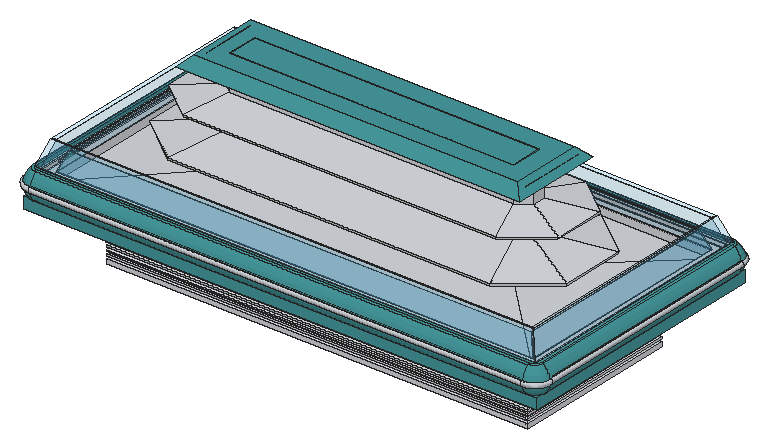
Revit family "O3IM - All", category Mechanical Equipment, Revit 2019
Family settings
  Round Connector Dimension = Use Radius
  Part Type = Normal
  OmniClass Number = 23.40.40.11.17
  OmniClass Title = Refrigerated Cases
  Work Plane-Based = Yes
  Always vertical = Yes
  Cut with Voids When Loaded = No
  Shared = No
  Room Calculation Point = No
Parameters (values of type "12' --- 10-16" Shelf - Deli")
  Width = 79 3/4"  # constant formula
  URL = "http://www.hillphoenix.com/?s=o3im"
  TOP REFRIGERATION PIPING = yes
  TOP ELECTRICAL = yes
  TOEKICK [instance] = BLACK PAINTED METAL
  Standard Power Watts = 22.6 W
  Standard Power Amps = 0.19 A
  Shelf distance = 48"
  Shelf Depth = "10\", 12\", 14\", 16\""
  STAINLESS STEEL = GALVANIZED STEEL
  Refgn = 8 5/8"
  RT STD END = yes
  REFRIGERATION PIPING = COPPER PIPE
  RUBBER BUMPER [instance] = none
  REAR REFRIGERATION PIPING = yes
  PAINTED METAL UPPER SHELF = PAINTED SHELVES
  PAINTED METAL INTERIOR [instance] = none
  PAINTED METAL EXTERIOR [instance] = CHARCOAL BROWN
  Number of Shelf = 3
  Model = "O3IM"  # constant formula
  Manufacturer = "HILL PHOENIX"  # constant formula
  MASTER BUMPER [instance] = none
  Lights Per Row = 6
  Light Length = "2 (1ft), 4 (3ft)"
  Length = 153 1/2"
  Legend Number = Model  # "O3IM"
  LF STD END = yes
  Keynote = ""  # constant formula
  Item Description = Description  # "O3IM - Island case"
  Island Timed-Off Termination Temp (°F) = 45 °F  # constant formula
  Island Timed-Off Fail-Safe (Min) = "45 (Min)"  # constant formula
  Island Superheat @ Bulb Set Point (°F) = "6-8 °F"  # constant formula
  Island Run-Off Time (Min) = "6-8 (Min)"  # constant formula
  Island Hot Gas Termination Temp (F°) = 45 °F  # constant formula
  Island Hot Gas Fail-Safe (Min) = "26 (Min)"  # constant formula
  Island High Efficiency Fans Watts = 36.8 W
  Island High Efficiency Fans Amps = 0.62 A
  Island Fans Per Case = 0
  Island Evaporator (°F) = 22 °F
  Island Electric Termination Temp (F°) = 47 °F  # constant formula
  Island Electric Fail-Safe = "30 (Min)"  # constant formula
  Island Discharge Air(°F) = 30 °F
  Island Discharge Air Velocity (FPM) = 270 FPM  # constant formula
  Island BTUH Parallel = 1366
  Island BTUH Conventional = 1513
  Island Application = "Deli"
  Island Anti-Condensate Heaters Watts = 127 W
  Island Anti-Condensate Heaters Amps = 1.06 A
  Island 240 Defrost Heaters Watts = 3200 W
  Island 240 Defrost Heaters Amps = 13.32 A
  Island 208V Defrost Heaters Watts = 2400 A
  Island 208V Defrost Heaters Amps = 11.54 A
  Island  Case Length = 144"
  How Many Defrosts Per Day = 4  # constant formula
  High Power (Cornice) Watts = 0 W
  High Power (Cornice) Amps = 0 A
  Height = 53 1/4"  # constant formula
  GLASS = Glass
  Ends = yes
  EQUIPMENT MARK = Legend Number  # "O3IM"
  EQUIPMENT DESCRIPTION = Item Description  # "O3IM - Island case"
  Description = "O3IM - Island case"  # constant formula
  Default Elevation = 48"
  DRAIN PIPING = yes
  DESIGNERS NAME = "SHIDDRAMESH"  # constant formula
  DATE = "03/29/2016"  # constant formula
  Certifications = "NSF 7, UL471, CSA"  # constant formula
  Case End = "12'"
  CENTER LINE = Length / 2  # 76 3/4"
  BOTTOM REFRIGERATION PIPING = yes
  BOTTOM ELECTRICAL = yes
  BASE [instance] = none
  Assembly Code = ""
  16" Shelf = yes
  12" Shelf = yes
Types (14): name | Standard Power Watts | Standard Power Amps | Shelf Depth | RUBBER BUMPER | PAINTED METAL INTERIOR | MASTER BUMPER | Lights Per Row | Light Length | Length | Island High Efficiency Fans Watts | Island High Efficiency Fans Amps | Island Evaporator (°F) | Island Discharge Air(°F) | Island BTUH Parallel | Island BTUH Conventional | Island Application | Island Anti-Condensate Heaters Watts | Island Anti-Condensate Heaters Amps | Island 240 Defrost Heaters Watts | Island 240 Defrost Heaters Amps | Island 208V Defrost Heaters Watts | Island 208V Defrost Heaters Amps | Island  Case Length | High Power (Cornice) Watts | High Power (Cornice) Amps | Case End | CENTER LINE | BASE
  08' | 59 W | 0.5 A | "Top Sill" | BLACK | GALVANIZED STEEL | BLACK | 4 | "2 (2ft), 2 (4ft)" | 105 1/2" | 27.6 W | 0.46 A | 22 °F | 30 °F | 1366 | 1513 | "Dairy / Deli / Produce" | 80 W | 0.67 A | 2130 W | 8.88 A | 1600 A | 7.7 A | 96" | 107.4 W | 0.9 A | "8' Wrapped" | 52 3/4" | BLACK PAINTED METAL
  12' | 59 W | 0.5 A | "Top Sill" | none | none | none | 4 | "2 (2ft), 2 (4ft)" | 153 1/2" | 27.6 W | 0.46 A | 22 °F | 30 °F | 1366 | 1513 | "Dairy / Deli / Produce" | 80 W | 0.67 A | 2130 W | 8.88 A | 1600 A | 7.7 A | 96" | 107.4 W | 0.9 A | "8' Wrapped" | 76 3/4" | none
  08' --- Top Sill - Deli | 59 W | 0.5 A | "Top Sill" | BLACK | GALVANIZED STEEL | BLACK | 4 | "2 (2ft), 2 (4ft)" | 105 1/2" | 27.6 W | 0.46 A | 22 °F | 30 °F | 1366 | 1513 | "Dairy / Deli / Produce" | 80 W | 0.67 A | 2130 W | 8.88 A | 1600 A | 7.7 A | 96" | 107.4 W | 0.9 A | "8' Wrapped" | 52 3/4" | BLACK PAINTED METAL
  08' ---  8" Shelf - Deli | 37.4 W | 0.31 A | "8\" Shelves" | BLACK | GALVANIZED STEEL | BLACK | 4 | "2 (5ft), 2 (3ft)" | 105 1/2" | 27.6 W | 0.46 A | 22 °F | 30 °F | 1366 | 1513 | "Dairy / Deli / Produce" | 80 W | 0.67 A | 2130 W | 8.88 A | 1600 A | 7.7 A | 96" | 65 W | 0.54 A | "8' Wrapped" | 52 3/4" | BLACK PAINTED METAL
  08' --- 10-16" Shelf - Meat | 39.2 W | 0.33 A | "10-16\" Shelves" | BLACK | GALVANIZED STEEL | BLACK | 4 | "2 (5ft), 4 (3ft)" | 105 1/2" | 27.6 W | 0.46 A | 17 °F | 26 °F | 1496 | 1657 | "Meat" | 80 W | 0.67 A | 2130 W | 8.88 A | 1600 A | 7.7 A | 96" | 70.4 W | 0.59 A | "8' Wrapped" | 52 3/4" | BLACK PAINTED METAL
  12' --- Top Sill - Deli | 59.6 W | 0.5 A | "Top Sill" | none | none | none | 6 | "2 (2ft), 4 (4ft)" | 153 1/2" | 36.8 W | 0.62 A | 22 °F | 30 °F | 1366 | 1513 | "Dairy / Deli / Produce" | 127 W | 1.06 A | 3200 W | 13.32 A | 2400 A | 11.54 A | 144" | 107.4 W | 0.9 A | "12' Wrapped" | 76 3/4" | none
  12' ---  8" Shelf - Deli | 37.4 W | 0.31 A | "8\" Shelves" | none | none | none | 6 | "2 (5ft), 4 (3ft)" | 153 1/2" | 36.8 W | 0.62 A | 22 °F | 30 °F | 1366 | 1513 | "Dairy / Deli / Produce" | 127 W | 1.06 A | 3200 W | 13.32 A | 2400 A | 11.54 A | 144" | 65 W | 0.54 A | "12' Wrapped" | 76 3/4" | none
  12' --- 10-16" Shelf - Deli | 22.6 W | 0.19 A | "10\", 12\", 14\", 16\"" | none | none | none | 6 | "2 (1ft), 4 (3ft)" | 153 1/2" | 36.8 W | 0.62 A | 22 °F | 30 °F | 1366 | 1513 | "Deli" | 127 W | 1.06 A | 3200 W | 13.32 A | 2400 A | 11.54 A | 144" | 0 W | 0 A | "12'" | 76 3/4" | none
  08' ---  8" Shelf - Meat | 37.4 W | 0.31 A | "8\" Shelves" | BLACK | GALVANIZED STEEL | BLACK | 4 | "2 (5ft), 2 (3ft)" | 105 1/2" | 27.6 W | 0.46 A | 26 °F | 17 °F | 1496 | 1657 | "Meat" | 80 W | 0.67 A | 2130 W | 8.88 A | 1600 A | 7.7 A | 96" | 65 W | 0.54 A | "8' Wrapped" | 52 3/4" | BLACK PAINTED METAL
  08' --- 10-16" Shelf - Deli | 22.6 W | 0.19 A | "10\", 12\", 14\", 16\"" | BLACK | GALVANIZED STEEL | BLACK | 6 | "2 (1ft), 4 (3ft)" | 105 1/2" | 27.6 W | 0.46 A | 22 °F | 30 °F | 1366 | 1513 | "Deli" | 80 W | 0.67 A | 2130 W | 8.88 A | 1600 A | 7.7 A | 96" | 0 W | 0 A | "12'" | 52 3/4" | BLACK PAINTED METAL
  08' --- Top Sill - Meat | 59 W | 0.5 A | "Top Sill" | BLACK | GALVANIZED STEEL | BLACK | 4 | "2 (2ft), 2 (4ft)" | 105 1/2" | 27.6 W | 0.46 A | 17 °F | 26 °F | 1496 | 1657 | "Meat" | 80 W | 0.67 A | 2130 W | 8.88 A | 1600 A | 7.7 A | 96" | 107.4 W | 0.9 A | "8' Wrapped" | 52 3/4" | BLACK PAINTED METAL
  12' --- Top Sill - Meat | 59.6 W | 0.5 A | "Top Sill" | none | none | none | 6 | "2 (2ft), 4 (4ft)" | 153 1/2" | 36.8 W | 0.62 A | 17 °F | 26 °F | 1496 | 1657 | "Meat" | 127 W | 1.06 A | 3200 W | 13.32 A | 2400 A | 11.54 A | 144" | 107.4 W | 0.9 A | "12' Wrapped" | 76 3/4" | none
  12' ---  8" Shelf - Meat | 37.4 W | 0.31 A | "8\" Shelves" | none | none | none | 6 | "2 (5ft), 4 (3ft)" | 153 1/2" | 36.8 W | 0.62 A | 17 °F | 26 °F | 1496 | 1657 | "Meat" | 127 W | 1.06 A | 3200 W | 13.32 A | 2400 A | 11.54 A | 144" | 65 W | 0.54 A | "12' Wrapped" | 76 3/4" | none
  12' --- 10-16" Shelf - Meat | 39.2 W | 0.33 A | "10-16\" Shelves" | none | none | none | 6 | "2 (5ft), 4 (3ft)" | 153 1/2" | 36.8 W | 0.62 A | 17 °F | 26 °F | 1496 | 1657 | "Meat" | 127 W | 1.06 A | 3200 W | 13.32 A | 2400 A | 11.54 A | 144" | 70.4 W | 0.59 A | "12' Wrapped" | 76 3/4" | none
Reference planes (in)
  plane 1: z = 0.01963
  plane 2 "LEFT": x = 0
  plane 3 "CASE RIGHT": x = 153.5
  plane 4: y = -15.80744
  plane 5: z = 53.21267
  plane 6: y = -95.55744
  plane 7: x = 76.75
  plane 8: x = 127.84375
  plane 9: y = -45.33691
  plane 10: y = -66.02797
  plane 11: z = 0.02517
  plane 12: z = 48.62069
  plane 13: z = 22.43319
  plane 14: y = -37.22135
  plane 15: y = -74.19492
  plane 16: y = -55.68244
  plane 17: y = -76.80744
  plane 18: y = -34.55744
  plane 19: z = 22.02517
Forms (in)
  Sweep 1, solid, material <- "PAINTED METAL INTERIOR"
    path origin (0, -2.067, 0) x (1, 0, 0) y (0, 1, 0)
      loop
        line (0, -93.49044) -> (153.5, -93.49044) -> (153.5, -13.74044) -> (0, -13.74044) -> (0, -93.49044)
    profile origin (76.75, -95.55744, 0) x (0, 1, 0) y (0, 0, 1)
      loop
        line (15.43571, 1.23933) -> (15.43571, 0) -> (16.44467, 0) -> (16.44467, 5.75) -> (16.04671, 5.75) -> (16.04671, 5.41095)
        arc (16.04671, 5.41095) -> (15.90122, 5.05836) -> (15.54942, 4.91096) r 0.5
        line (15.54942, 4.91096) -> (15.54942, 4.41096) -> (15.62792, 4.41096) -> (16.04671, 4.49092) -> (15.90934, 4.05633)
        arc (15.90934, 4.05633) -> (15.77966, 3.82434) -> (15.54942, 3.69157) r 0.5
        line (15.54942, 3.69157) -> (15.54942, 3.19157) -> (15.62792, 3.19157) -> (16.04671, 3.27653) -> (15.90934, 2.83695)
        arc (15.90934, 2.83695) -> (15.77966, 2.60496) -> (15.54942, 2.47219) r 0.5
        line (15.54942, 2.47219) -> (15.54942, 1.97219) -> (15.62792, 1.97219) -> (16.04671, 2.05715) -> (15.90934, 1.61757)
        arc (15.90934, 1.61757) -> (15.74908, 1.33259) -> (15.43571, 1.23933) r 0.43569
  Sweep 2, solid, material "BLACK PAINTED METAL" <- "TOEKICK"
    path origin (0, -2.067, 0) x (1, 0, 0) y (0, 1, 0)
      loop
        line (0, -93.49044) -> (153.5, -93.49044) -> (153.5, -13.74044) -> (0, -13.74044) -> (0, -93.49044)
    profile origin (76.75, -95.55744, 0) x (0, 1, 0) y (0, 0, 1)
      loop
        line (4.73876, 20.85375) -> (3.22926, 20.85375) -> (3.22926, 16.11151) -> (11.9574, 10) -> (22.87552, 10) -> (22.87552, 12.44138) -> (11.1501, 12.86578) -> (4.73876, 17.35505) -> (4.73876, 20.85375)
  Sweep 3, solid, material "CHARCOAL BROWN" <- "PAINTED METAL EXTERIOR"
    path origin (0, -2.067, 0) x (1, 0, 0) y (0, 1, 0)
      loop
        line (5.06052, -91.42992) -> (148.43948, -91.42992)
        arc (148.43948, -91.42992) -> (150.5608, -90.55124) -> (151.43948, -88.42992) r 3
        line (151.43948, -88.42992) -> (151.43948, -18.80096)
        arc (151.43948, -18.80096) -> (150.5608, -16.67964) -> (148.43948, -15.80096) r 3
        line (148.43948, -15.80096) -> (5.06052, -15.80096)
        arc (5.06052, -15.80096) -> (2.9392, -16.67964) -> (2.06052, -18.80096) r 3
        line (2.06052, -18.80096) -> (2.06052, -88.42992)
        arc (2.06052, -88.42992) -> (2.9392, -90.55124) -> (5.06052, -91.42992) r 3
    profile origin (76.75, -93.49692, 0) x (0, 1, 0) y (0, 0, 1)
      loop
        arc (0.97698, 26.16561) -> (0.74892, 26.12252) -> (0.55232, 25.99918) r 0.625
        arc (0.55232, 25.99918) -> (-0.68003, 24.4877) -> (-1.44756, 22.69489) r 7
        arc (-1.44756, 22.69489) -> (-0.67882, 21.99775) -> (-1.4734, 21.33019) r 0.68878
        arc (-1.4734, 21.33019) -> (-1.0581, 19.98737) -> (-0.28547, 18.8132) r 5
        arc (-0.28547, 18.8132) -> (-0.20085, 18.75074) -> (-0.09802, 18.72861) r 0.25
        line (-0.09802, 18.72861) -> (1.16874, 18.72861) -> (1.16874, 20.85375) -> (1.78136, 20.85375) -> (1.78136, 26.16561) -> (0.97698, 26.16561)
  Sweep 4, solid, material <- "PAINTED METAL INTERIOR"
    path origin (0, -2.067, 0) x (1, 0, 0) y (0, 1, 0)
      loop
        arc (148.43948, -91.42992) -> (150.5608, -90.55124) -> (151.43948, -88.42992) r 3
        line (151.43948, -88.42992) -> (151.43948, -18.80096)
        arc (151.43948, -18.80096) -> (150.5608, -16.67964) -> (148.43948, -15.80096) r 3
        line (148.43948, -15.80096) -> (5.06052, -15.80096)
        arc (5.06052, -15.80096) -> (2.9392, -16.67964) -> (2.06052, -18.80096) r 3
        line (2.06052, -18.80096) -> (2.06052, -88.42992)
        arc (2.06052, -88.42992) -> (2.9392, -90.55124) -> (5.06052, -91.42992) r 3
        line (5.06052, -91.42992) -> (148.43948, -91.42992)
    profile origin (76.75, -93.49692, 0) x (0, -1, 0) y (0, 0, 1)
      loop
        arc (1.44756, 22.69489) -> (0.67882, 21.99775) -> (1.4734, 21.33019) r 0.68878
        arc (1.4734, 21.33019) -> (2.05614, 22.02382) -> (1.44756, 22.69489) r 0.68878
  Sweep 5, solid, material <- "PAINTED METAL INTERIOR"
    path origin (0, -2.067, 0) x (1, 0, 0) y (0, 1, 0)
      loop
        line (0, -93.49044) -> (153.5, -93.49044) -> (153.5, -13.74044) -> (0, -13.74044) -> (0, -93.49044)
    profile origin (76.75, -95.55744, 0) x (0, 1, 0) y (0, 0, 1)
      loop
        line (35.345, 22.96222) -> (7.35063, 22.22916) -> (7.35063, 24.51571) -> (5.27547, 24.51571) -> (4.9991, 24.62458) -> (4.9955, 25.45109)
        arc (4.9955, 25.45109) -> (4.95014, 25.57337) -> (4.83602, 25.63648) r 0.1875
        line (4.83602, 25.63648) -> (3.84188, 25.63648) -> (3.84188, 20.85375) -> (4.73876, 20.85375) -> (4.73876, 17.35505) -> (11.1501, 12.86578) -> (22.88911, 12.44089) -> (23.48284, 11.87841) -> (24.07662, 12.44093) -> (35.345, 13.01184) -> (35.345, 22.96222)
  Sweep 6, solid, material "CHARCOAL BROWN" <- "PAINTED METAL EXTERIOR"
    path origin (0, -2.067, 0) x (1, 0, 0) y (0, 1, 0)
      loop
        line (0, -93.49044) -> (153.5, -93.49044) -> (153.5, -13.74044) -> (0, -13.74044) -> (0, -93.49044)
    profile origin (76.75, -95.55744, 0) x (0, 1, 0) y (0, 0, 1)
      loop
        line (32.12885, 49.14209) -> (35.345, 49.14209) -> (35.345, 53.21267) -> (29.52947, 53.21267) -> (26.62952, 50.31272) -> (28.17323, 50.31272) -> (29.07872, 51.21821) -> (31.58712, 48.62069) -> (32.12885, 49.14209)
  Sweep 7, solid, material <- "PAINTED METAL INTERIOR"
    path origin (0, -2.067, 0) x (1, 0, 0) y (0, 1, 0)
      loop
        line (0, -93.49044) -> (153.5, -93.49044) -> (153.5, -13.74044) -> (0, -13.74044) -> (0, -93.49044)
    profile origin (76.75, -95.55744, 0) x (0, 1, 0) y (0, 0, 1)
      loop
        line (20.17427, 5.75) -> (20.17427, 10) -> (16.0875, 10) -> (16.0875, 9.20269) -> (15.3825, 9.20269) -> (15.3825, 5.75) -> (20.17427, 5.75)
  Sweep 8, solid, material "CHARCOAL BROWN" <- "PAINTED METAL EXTERIOR"
    path origin (0, -2.067, 0) x (1, 0, 0) y (0, 1, 0)
      loop
        line (151.43948, -91.42992) -> (151.43948, -15.80096) -> (2.06052, -15.80096) -> (2.06052, -91.42992) -> (151.43948, -91.42992)
    profile origin (76.75, -93.49692, 0) x (0, -1, 0) y (0, 0, 1)
      loop
        line (0.05002, 18.72861) -> (-1.16874, 18.72861) -> (-1.16874, 16.11151) -> (-9.47879, 10.29275) -> (-8.78236, 9.29813) -> (0.05002, 15.48263) -> (0.05002, 18.72861)
  Sweep 9, solid, material <- "PAINTED METAL INTERIOR", visible <- "12" Shelf"
    path origin (0, -2.067, 0) x (1, 0, 0) y (0, 1, 0)
      loop
        line (35.32903, -58.14544) -> (118.155, -58.14544) -> (121.655, -55.41094) -> (121.655, -51.81994) -> (118.155, -49.08544) -> (35.32903, -49.08544) -> (31.82903, -51.81994) -> (31.82903, -55.41094) -> (35.32903, -58.14544)
    profile origin (76.74201, -60.21244, 0) x (0, 1, 0) y (0, 0, 1)
      loop
        line (0, 40.62485) -> (0, 42.93485) -> (-11.81769, 40.85108) -> (-11.72544, 40.3279) -> (-6.73758, 41.20739) -> (-6.65076, 40.71499) -> (0, 40.62485)
  Extrusion 10, solid, material <- "PAINTED METAL INTERIOR"
    sketch origin (0, -2.067, 0) x (1, 0, 0) y (0, 1, 0)
      loop
        line (35.345, -49.08544) -> (31.845, -51.81994) -> (31.845, -55.41094) -> (35.345, -58.14544) -> (118.155, -58.14544) -> (121.655, -55.41094) -> (121.655, -51.81994) -> (118.155, -49.08544) -> (35.345, -49.08544)
    from 22.96222 to 49.14209
  Extrusion 11, solid, material "CHARCOAL BROWN" <- "PAINTED METAL EXTERIOR"
    sketch origin (0, 0, 0) x (1, 0, 0) y (0, 1, 0)
      loop
        line (35.345, -51.15244) -> (35.345, -60.21244) -> (118.155, -60.21244) -> (118.155, -51.15244) -> (35.345, -51.15244)
    from 53.21267 to 49.14209
  Extrusion 12, solid, material "BLACK PAINTED METAL" <- "TOEKICK"
    sketch origin (0, 0, 0) x (1, 0, 0) y (0, 1, 0)
      loop
        line (16.44467, -32.25211) -> (16.44467, -79.11277) -> (137.05533, -79.11277) -> (137.05533, -32.25211) -> (16.44467, -32.25211)
    from 0.57595 to 5.75
  Sweep 13, solid, material "Glass" <- "GLASS"
    path origin (0, -2.067, 14.5) x (1, 0, 0) y (0, 1, 0)
      loop
        line (151.43948, -91.42992) -> (151.43948, -15.80096) -> (2.06052, -15.80096) -> (2.06052, -91.42992) -> (151.43948, -91.42992)
    profile origin (76.75, -93.49692, 14.5) x (0, -1, 0) y (0, 0, 1)
      loop
        line (-7.50917, 15.4188) -> (-5.29011, 9.94527) -> (-5.29011, 10.01571) -> (-5.11634, 10.01571) -> (-7.33541, 15.48925)
        arc (-7.33541, 15.48925) -> (-7.45751, 15.5409) -> (-7.50917, 15.4188) r 0.09375
  Sweep 14, solid, material "Glass" <- "GLASS"
    path origin (0, -2.067, 20.25) x (1, 0, 0) y (0, 1, 0)
      loop
        line (151.43948, -91.42992) -> (151.43948, -15.80096) -> (2.06052, -15.80096) -> (2.06052, -91.42992) -> (151.43948, -91.42992)
    profile origin (76.75, -93.49692, 20.25) x (0, -1, 0) y (0, 0, 1)
      loop
        line (-1.78136, 5.38648) -> (-1.78136, 5.91561) -> (-4.36905, 13.02523) -> (-5.36747, 12.66183) -> (-2.71946, 5.38648) -> (-1.78136, 5.38648)
  Extrusion 15, void
    sketch origin (0, 0, 0) x (1, 0, 0) y (0, 1, 0)
      loop
        circle (76.75, -39.22135) r 2
      loop
        circle (76.75, -72.19492) r 2
    from 0 to 4
  Extrusion 16, void
    sketch origin (0, 0, 0) x (1, 0, 0) y (0, 1, 0)
      loop
        circle (127.84375, -52.68438) r 2
    from 0 to 4
  Extrusion 17, solid, visible <- "BOTTOM ELECTRICAL"
    sketch origin (0, 0, 0) x (1, 0, 0) y (0, 1, 0)
      loop
        line (41.49186, -60.46832) -> (36.24186, -60.46832) -> (36.24186, -63.21832) -> (41.49186, -63.21832) -> (41.49186, -60.46832)
    from 0.57595 to 0.32595
  Extrusion 18, solid, material "COPPER PIPE" <- "REFRIGERATION PIPING", visible <- "DRAIN PIPING"
    sketch origin (0, 0, 0) x (1, 0, 0) y (0, 1, 0)
      loop
        circle (76.75, -39.22135) r 1.5
      loop
        circle (76.75, -72.19492) r 1.5
    from 0 to 4
  Extrusion 19, solid, material "COPPER PIPE" <- "REFRIGERATION PIPING", visible <- "BOTTOM REFRIGERATION PIPING"
    sketch origin (0, 0, 0) x (1, 0, 0) y (0, 1, 0)
      loop
        circle (127.84375, -51.7269) r 0.5
      loop
        circle (127.84375, -53.93058) r 0.375
    from 0 to 4
  Sweep 20, solid, material <- "PAINTED METAL INTERIOR", visible <- "16" Shelf"
    path origin (0, -2.067, 30) x (1, 0, 0) y (0, 1, 0)
      loop
        line (35.32903, -58.14544) -> (118.155, -58.14544) -> (121.655, -55.41094) -> (121.655, -51.81994) -> (118.155, -49.08544) -> (35.32903, -49.08544) -> (31.82903, -51.81994) -> (31.82903, -55.41094) -> (35.32903, -58.14544)
    profile origin (76.74201, -60.21244, 30) x (0, 1, 0) y (0, 0, 1)
      loop
        line (0, 3.70932) -> (-15.75692, 0.93095) -> (-15.66467, 0.40777) -> (-10.73957, 1.2762) -> (-10.69616, 1.02999) -> (0, 1.38129) -> (0, 3.70932)
Cuts and joins
  Extrusion 15, Extrusion 16 cuts Sweep 1
  Extrusion 15, Extrusion 16 cuts Extrusion 12
Text (in)
  text "12\"" at (0, -60.51364, 47.11093), in view "Left"
  text "12\"" at (0, -43.76364, 47.11093), in view "Left"
  text "16\"" at (0, -60.51364, 38.11093), in view "Left"
  text "16\"" at (0, -43.76364, 38.11093), in view "Left"
Dimensions and locks (in)
  "Length": plane 2 "LEFT" to plane 3 "CASE RIGHT"
  locked: Extrusion 12 to plane 3 "CASE RIGHT" at 16.44467
  "Width": plane 4 to plane 6
  "CENTER LINE": plane 2 "LEFT" to plane 7
  locked: plane 8 to plane 3 "CASE RIGHT" at 25.65625
  locked: plane 2 "LEFT" to Extrusion 17 sketch curve at 36.24186
  plane 9 to plane 10 = 20.69106"
  plane 5 to plane 11 = 53 3/16"
  plane 13 to plane 12 = 26 3/16"
  Extrusion 10 to Sweep 5 = 27.99437"
  plane 16 to plane 17 = 21 1/8"
  plane 18 to plane 17 = 42 1/4"
  plane 11 to Sweep 2 = 9.97483"
  Sweep 14 to plane 11 = 33.25006"
  plane 19 to plane 11 = 22"
  Sweep 14 to Sweep 6 = 28.75667"
  plane 16 to plane 6 = 39 7/8"
  aligned and locked: Extrusion 12 to Sweep 1  (x3)
Automatic sketch dimensions
  Sweep 1 sketch curve to plane 2 "LEFT" = 0"
  Sweep 1 sketch curve to plane 3 "CASE RIGHT" = 0"
  plane 6 to Sweep 1 sketch curve = 0"
  plane 4 to Sweep 1 sketch curve = 0"
  Sweep 1 sketch curve to profile plane = 0"
  profile plane to Sweep 1 sketch curve = 4.17552"
  Sweep 1 sketch curve to profile plane = 15.42376"
  Sweep 1 sketch curve to Sweep 1 sketch curve = 0"
  Sweep 1 sketch curve to Sweep 1 sketch curve = 0.01195"
  Sweep 1 sketch curve to Sweep 1 sketch curve = 0.04149"
  Sweep 1 sketch curve to Sweep 1 sketch curve = 0.12295"
  Sweep 1 sketch curve to Sweep 1 sketch curve = 0.12566"  (x2)
  Sweep 1 sketch curve to Sweep 1 sketch curve = 0.07223"
  profile plane to Sweep 1 sketch curve = 4.41096"
  Sweep 1 sketch curve to Sweep 1 sketch curve = 0.0785"  (x3)
  profile plane to Sweep 1 sketch curve = 4.05633"
  Sweep 1 sketch curve to Sweep 1 sketch curve = 0.28142"  (x2)
  profile plane to Sweep 1 sketch curve = 1.61757"
  Sweep 1 sketch curve to Sweep 1 sketch curve = 0.43215"
  profile plane to Sweep 1 sketch curve = 2.83695"
  profile plane to Sweep 1 sketch curve = 4.49092"
  Sweep 1 sketch curve to Sweep 1 sketch curve = 0.41879"  (x3)
  profile plane to Sweep 1 sketch curve = 3.27653"
  profile plane to Sweep 1 sketch curve = 2.05715"
  Sweep 1 sketch curve to Sweep 1 sketch curve = 1/2"  (x3)
  Sweep 1 sketch curve to Sweep 1 sketch curve = 1.00896"
  Sweep 1 sketch curve to Sweep 1 sketch curve = 0.37824"
  Sweep 1 sketch curve to Sweep 1 sketch curve = 0.29915"
  Sweep 1 sketch curve to Sweep 1 sketch curve = 0.23543"
  Sweep 1 sketch curve to Sweep 1 sketch curve = 0.33905"
  Sweep 2 sketch curve to plane 2 "LEFT" = 0"
  Sweep 2 sketch curve to plane 3 "CASE RIGHT" = 0"
  plane 6 to Sweep 2 sketch curve = 0"
  plane 4 to Sweep 2 sketch curve = 0"
  Sweep 2 sketch curve to profile plane = 3.22926"
  Sweep 2 sketch curve to Sweep 2 sketch curve = 1.5095"
  Sweep 2 sketch curve to Sweep 2 sketch curve = 6.41134"
  Sweep 2 sketch curve to Sweep 2 sketch curve = 0.8073"
  Sweep 2 sketch curve to Sweep 2 sketch curve = 10.91812"
  profile plane to Sweep 2 sketch curve = 10"
  Sweep 2 sketch curve to Sweep 2 sketch curve = 2.44138"
  Sweep 2 sketch curve to Sweep 2 sketch curve = 2.86578"
  Sweep 2 sketch curve to Sweep 2 sketch curve = 3.24573"
  Sweep 2 sketch curve to Sweep 2 sketch curve = 1.24354"
  Sweep 2 sketch curve to Sweep 2 sketch curve = 3.4987"
  plane 2 "LEFT" to Sweep 3 sketch curve = 2.06052"
  plane 4 to Sweep 3 sketch curve = 2.06052"
  Sweep 3 sketch curve to Sweep 3 sketch curve = 3"  (x2)
  Sweep 3 sketch curve to plane 6 = 2.06052"
  Sweep 3 sketch curve to plane 3 "CASE RIGHT" = 5.06052"  (x2)
  Sweep 3 sketch curve to plane 3 "CASE RIGHT" = 2.06052"
  profile plane to Sweep 3 sketch curve = 1.4734"
  Sweep 3 sketch curve to Sweep 3 sketch curve = 0.02583"
  Sweep 3 sketch curve to Sweep 3 sketch curve = 0.10591"
  profile plane to Sweep 3 sketch curve = 0.28547"
  Sweep 3 sketch curve to Sweep 3 sketch curve = 0"  (x2)
  profile plane to Sweep 3 sketch curve = 0.09802"
  Sweep 3 sketch curve to profile plane = 0.55232"
  Sweep 3 sketch curve to Sweep 3 sketch curve = 0.42466"
  Sweep 3 sketch curve to profile plane = 1.16874"
  Sweep 3 sketch curve to Sweep 3 sketch curve = 0.61262"
  Sweep 3 sketch curve to Sweep 3 sketch curve = 1.68224"
  Sweep 3 sketch curve to Sweep 3 sketch curve = 1.84493"
  profile plane to Sweep 3 sketch curve = 18.72861"
  Sweep 3 sketch curve to Sweep 3 sketch curve = 0.08459"
  Sweep 3 sketch curve to Sweep 3 sketch curve = 1.26769"
  Sweep 3 sketch curve to Sweep 3 sketch curve = 1.25824"
  Sweep 3 sketch curve to Sweep 3 sketch curve = 0.68059"
  plane 2 "LEFT" to Sweep 4 sketch curve = 2.06052"
  plane 4 to Sweep 4 sketch curve = 2.06052"
  Sweep 4 sketch curve to Sweep 4 sketch curve = 3"  (x2)
  Sweep 4 sketch curve to plane 6 = 2.06052"
  Sweep 4 sketch curve to plane 3 "CASE RIGHT" = 5.06052"  (x2)
  Sweep 4 sketch curve to plane 3 "CASE RIGHT" = 2.06052"
  Sweep 4 sketch curve to Sweep 4 sketch curve = 0"  (x2)
  Sweep 4 sketch curve to profile plane = 1.36748"
  Sweep 4 sketch curve to Sweep 4 sketch curve = 0.08008"
  Sweep 4 sketch curve to Sweep 4 sketch curve = 0.10591"
  profile plane to Sweep 4 sketch curve = 21.33019"
  Sweep 4 sketch curve to Sweep 4 sketch curve = 0.68059"
  Sweep 5 sketch curve to plane 2 "LEFT" = 0"
  Sweep 5 sketch curve to plane 3 "CASE RIGHT" = 0"
  plane 6 to Sweep 5 sketch curve = 0"
  plane 4 to Sweep 5 sketch curve = 0"
  Sweep 5 sketch curve to profile plane = 3.84188"
  Sweep 5 sketch curve to Sweep 5 sketch curve = 0.89688"
  Sweep 5 sketch curve to Sweep 5 sketch curve = 0.96612"
  Sweep 5 sketch curve to Sweep 5 sketch curve = 0.02802"
  Sweep 5 sketch curve to Sweep 5 sketch curve = 3/16"
  Sweep 5 sketch curve to Sweep 5 sketch curve = 0.0036"
  Sweep 5 sketch curve to Sweep 5 sketch curve = 0.27637"
  Sweep 5 sketch curve to Sweep 5 sketch curve = 2.07516"
  Sweep 5 sketch curve to Sweep 5 sketch curve = 6.41134"
  Sweep 5 sketch curve to Sweep 5 sketch curve = 11.73901"
  Sweep 5 sketch curve to Sweep 5 sketch curve = 19/32"
  Sweep 5 sketch curve to Sweep 5 sketch curve = 0.59378"
  profile plane to Sweep 5 sketch curve = 13.01184"
  Sweep 5 sketch curve to Sweep 5 sketch curve = 11.26838"
  profile plane to Sweep 5 sketch curve = 12.86578"
  Sweep 5 sketch curve to Sweep 5 sketch curve = 0.5709"
  Sweep 5 sketch curve to Sweep 5 sketch curve = 0.00004"
  Sweep 5 sketch curve to Sweep 5 sketch curve = 9/16"
  Sweep 5 sketch curve to Sweep 5 sketch curve = 4.48927"
  Sweep 5 sketch curve to Sweep 5 sketch curve = 3.4987"
  Sweep 5 sketch curve to Sweep 5 sketch curve = 1.37541"
  Sweep 5 sketch curve to Sweep 5 sketch curve = 9.95038"
  Sweep 5 sketch curve to Sweep 5 sketch curve = 2.28656"
  Sweep 5 sketch curve to Sweep 5 sketch curve = 0.10887"
  Sweep 5 sketch curve to Sweep 5 sketch curve = 0.82651"
  Sweep 6 sketch curve to plane 2 "LEFT" = 0"
  Sweep 6 sketch curve to plane 3 "CASE RIGHT" = 0"
  plane 6 to Sweep 6 sketch curve = 0"
  plane 4 to Sweep 6 sketch curve = 0"
  Sweep 6 sketch curve to profile plane = 26.62952"
  Sweep 6 sketch curve to Sweep 6 sketch curve = 1.54371"
  Sweep 6 sketch curve to Sweep 6 sketch curve = 0.90549"  (x2)
  Sweep 6 sketch curve to Sweep 6 sketch curve = 0.45075"
  Sweep 6 sketch curve to Sweep 6 sketch curve = 2.5084"
  Sweep 6 sketch curve to Sweep 6 sketch curve = 0.54174"
  Sweep 6 sketch curve to Sweep 6 sketch curve = 3.21615"
  profile plane to Sweep 6 sketch curve = 48.62069"
  Sweep 6 sketch curve to Sweep 6 sketch curve = 0.52141"
  Sweep 6 sketch curve to Sweep 6 sketch curve = 1.69203"
  Sweep 6 sketch curve to Sweep 6 sketch curve = 1.99446"
  Sweep 7 sketch curve to plane 2 "LEFT" = 0"
  Sweep 7 sketch curve to plane 3 "CASE RIGHT" = 0"
  plane 6 to Sweep 7 sketch curve = 0"
  plane 4 to Sweep 7 sketch curve = 0"
  profile plane to Sweep 7 sketch curve = 5 3/4"
  Sweep 7 sketch curve to profile plane = 15.3825"
  Sweep 7 sketch curve to Sweep 7 sketch curve = 0.705"
  Sweep 7 sketch curve to Sweep 7 sketch curve = 4.79177"
  Sweep 7 sketch curve to Sweep 7 sketch curve = 3.45269"
  Sweep 7 sketch curve to Sweep 7 sketch curve = 0.79731"
  plane 2 "LEFT" to Sweep 8 sketch curve = 2.06052"
  Sweep 8 sketch curve to plane 3 "CASE RIGHT" = 2.06052"
  Sweep 8 sketch curve to plane 6 = 2.06052"
  plane 4 to Sweep 8 sketch curve = 2.06052"
  profile plane to Sweep 8 sketch curve = 9.47879"
  Sweep 8 sketch curve to Sweep 8 sketch curve = 0.69644"
  profile plane to Sweep 8 sketch curve = 1.16874"
  Sweep 8 sketch curve to profile plane = 0.05002"
  profile plane to Sweep 8 sketch curve = 9.29813"
  Sweep 8 sketch curve to Sweep 8 sketch curve = 0.99461"
  Sweep 8 sketch curve to Sweep 8 sketch curve = 2.6171"
  plane 2 "LEFT" to Sweep 9 sketch curve = 31.82903"
  Sweep 9 sketch curve to Sweep 9 sketch curve = 3 1/2"  (x3)
  Sweep 9 sketch curve to plane 8 = 9.68875"
  Sweep 9 sketch curve to Sweep 9 sketch curve = 0"
  Sweep 9 sketch curve to plane 6 = 35.345"
  Sweep 9 sketch curve to Sweep 9 sketch curve = 2.7345"  (x3)
  Sweep 9 sketch curve to Sweep 9 sketch curve = 3.591"  (x2)
  Sweep 9 sketch curve to profile plane = 0"
  Sweep 9 sketch curve to Sweep 9 sketch curve = 0.08682"
  Sweep 9 sketch curve to Sweep 9 sketch curve = 4.98786"
  Sweep 9 sketch curve to Sweep 9 sketch curve = 0.09225"
  Sweep 9 sketch curve to Sweep 9 sketch curve = 0.38709"
  plane 2 "LEFT" to Extrusion 10 sketch curve = 31.845"
  Extrusion 10 sketch curve to Extrusion 10 sketch curve = 3 1/2"  (x3)
  Extrusion 10 sketch curve to plane 8 = 9.68875"
  Extrusion 10 sketch curve to Extrusion 10 sketch curve = 0"
  Extrusion 10 sketch curve to plane 6 = 35.345"
  Extrusion 10 sketch curve to Extrusion 10 sketch curve = 2.7345"  (x3)
  Extrusion 10 sketch curve to Extrusion 10 sketch curve = 3.591"  (x2)
  plane 2 "LEFT" to Extrusion 11 sketch curve = 35.345"
  Extrusion 11 sketch curve to plane 8 = 9.68875"
  Extrusion 11 sketch curve to plane 6 = 35.345"
  Extrusion 11 sketch curve to Extrusion 11 sketch curve = 9.06"
  plane 2 "LEFT" to Extrusion 12 sketch curve = 16.44467"
  plane 8 to Extrusion 12 sketch curve = 9.21158"
  Extrusion 12 sketch curve to plane 6 = 16.44467"
  plane 4 to Extrusion 12 sketch curve = 16.44467"
  plane 2 "LEFT" to Sweep 13 sketch curve = 2.06052"
  Sweep 13 sketch curve to plane 3 "CASE RIGHT" = 2.06052"
  Sweep 13 sketch curve to plane 6 = 2.06052"
  plane 4 to Sweep 13 sketch curve = 2.06052"
  profile plane to Sweep 13 sketch curve = 7.50917"
  Sweep 13 sketch curve to Sweep 13 sketch curve = 0.08688"  (x2)
  profile plane to Sweep 13 sketch curve = 5.29011"
  Sweep 13 sketch curve to Sweep 13 sketch curve = 0.17376"
  profile plane to Sweep 13 sketch curve = 9.94527"
  Sweep 13 sketch curve to Sweep 13 sketch curve = 0.07045"
  Sweep 13 sketch curve to Sweep 13 sketch curve = 5.40309"
  Sweep 13 sketch curve to Sweep 13 sketch curve = 0.03522"
  plane 2 "LEFT" to Sweep 14 sketch curve = 2.06052"
  Sweep 14 sketch curve to plane 3 "CASE RIGHT" = 2.06052"
  Sweep 14 sketch curve to plane 6 = 2.06052"
  plane 4 to Sweep 14 sketch curve = 2.06052"
  profile plane to Sweep 14 sketch curve = 5.36747"
  Sweep 14 sketch curve to Sweep 14 sketch curve = 0.99842"
  profile plane to Sweep 14 sketch curve = 2.71946"
  Sweep 14 sketch curve to Sweep 14 sketch curve = 0.9381"
  profile plane to Sweep 14 sketch curve = 5.38648"
  Sweep 14 sketch curve to Sweep 14 sketch curve = 0.52913"
  Extrusion 15 sketch curve to plane 7 = 0"  (x2)
  Extrusion 15 sketch curve to plane 6 = 23.36252"
  plane 4 to Extrusion 15 sketch curve = 23.41392"
  Extrusion 16 sketch curve to plane 8 = 0"
  plane 4 to Extrusion 16 sketch curve = 36.87694"
  Extrusion 17 sketch curve to Extrusion 17 sketch curve = 5 1/4"
  Extrusion 17 sketch curve to plane 6 = 32.33912"
  Extrusion 17 sketch curve to Extrusion 17 sketch curve = 2 3/4"
  Extrusion 18 sketch curve to Extrusion 18 sketch curve = 0"  (x4)
  Extrusion 18 sketch curve to plane 7 = 0"  (x2)
  Extrusion 18 sketch curve to plane 7 = 1 1/2"  (x2)
  Extrusion 18 sketch curve to plane 6 = 23.36252"
  plane 4 to Extrusion 18 sketch curve = 23.41392"
  Extrusion 19 sketch curve to plane 8 = 0"  (x2)
  plane 4 to Extrusion 19 sketch curve = 38.12314"
  Extrusion 19 sketch curve to Extrusion 19 sketch curve = 2.20368"
  plane 2 "LEFT" to Sweep 20 sketch curve = 31.82903"
  Sweep 20 sketch curve to Sweep 20 sketch curve = 3 1/2"  (x3)
  Sweep 20 sketch curve to plane 8 = 9.68875"
  Sweep 20 sketch curve to Sweep 20 sketch curve = 0"
  Sweep 20 sketch curve to plane 6 = 35.345"
  Sweep 20 sketch curve to Sweep 20 sketch curve = 2.7345"  (x3)
  Sweep 20 sketch curve to Sweep 20 sketch curve = 3.591"  (x2)
  Sweep 20 sketch curve to profile plane = 0"
  Sweep 20 sketch curve to Sweep 20 sketch curve = 0.04341"
  Sweep 20 sketch curve to Sweep 20 sketch curve = 4.9251"
  Sweep 20 sketch curve to Sweep 20 sketch curve = 0.09225"
  profile plane to Sweep 20 sketch curve = 0.40777"
  Sweep 20 sketch curve to Sweep 20 sketch curve = 0.52318"
  Sweep 20 sketch curve to Sweep 20 sketch curve = 2.32802"
  profile plane to Sweep 9 sketch curve = 40.3279"
  Sweep 9 sketch curve to Sweep 9 sketch curve = 2.31"
  profile plane to Sweep 9 sketch curve = 6.65076"
  profile plane to Sweep 20 sketch curve = 10.69616"
  radius of Extrusion 15 sketch curve = 2"  (x2)
  radius of Extrusion 16 sketch curve = 2"
  radius of Extrusion 19 sketch curve = 1/2"
  radius of Extrusion 19 sketch curve = 3/8"
Connectors (in)
  electrical at (37.96289, -61.76624, 0.32595)
    settings: on Extrusion 17, index 1, voltage 0 V, apparent load 0 VA, apparent load phase1 0 VA, apparent load phase2 0 VA, apparent load phase3 0 VA, power factor 1, load classification "Other", number of poles 1, system type 30, power factor state 1, is connector primary yes, connector utility no, sub classification motor no, connector description ""
  electrical at (39.96289, -61.76624, 0.32595)
    settings: on Extrusion 17, index 2, voltage 0 V, apparent load 0 VA, apparent load phase1 0 VA, apparent load phase2 0 VA, apparent load phase3 0 VA, power factor 1, load classification "Other", number of poles 1, system type 30, power factor state 1, is connector primary no, connector utility no, sub classification motor no, connector description ""
  piping at (76.75, -72.19492, 0), diameter 1.5
    settings: on Extrusion 18, index 3, connector inside diameter 1 1/2", connector length 0", flow factor 0, pipe flow 0 GPM, pressure drop 0.00 psi, fitting loss kfactor 0, connector angle 0.000°, fixture units 0, engagement length 0", angle of deflection 0.000°, flow configuration 0, flow direction 2, fitting loss method 0, system type 16, joint type 0, gender type 0, connector reference index -1, connector utility 0, adjustable connector no, is connector primary yes, connector description "SANITARY CONNECTION"
  piping at (76.75, -39.22135, 0), diameter 1.5
    settings: on Extrusion 18, index 4, connector inside diameter 1 1/2", connector length 0", flow factor 0, pipe flow 0 GPM, pressure drop 0.00 psi, fitting loss kfactor 0, connector angle 0.000°, fixture units 0, engagement length 0", angle of deflection 0.000°, flow configuration 0, flow direction 2, fitting loss method 0, system type 16, joint type 0, gender type 0, connector reference index -1, connector utility 0, adjustable connector no, is connector primary no, connector description "SANITARY CONNECTION"
  piping at (127.84375, -53.93058, 0), diameter 0.375
    settings: on Extrusion 19, index 5, connector inside diameter 3/8", connector length 0", flow factor 0, pipe flow 0 GPM, pressure drop 0.00 psi, fitting loss kfactor 0, connector angle 0.000°, fixture units 0, engagement length 0", angle of deflection 0.000°, flow configuration 0, flow direction 1, fitting loss method 0, system type 8, joint type 0, gender type 0, connector reference index -1, connector utility 0, adjustable connector no, is connector primary no, connector description "LIQUID LINE CONNECTION"
  piping at (127.84375, -51.7269, 0), diameter 0.5
    settings: on Extrusion 19, index 6, connector inside diameter 1/2", connector length 0", flow factor 0, pipe flow 0 GPM, pressure drop 0.00 psi, fitting loss kfactor 0, connector angle 0.000°, fixture units 0, engagement length 0", angle of deflection 0.000°, flow configuration 0, flow direction 2, fitting loss method 0, system type 7, joint type 0, gender type 0, connector reference index -1, connector utility 0, adjustable connector no, is connector primary no, connector description "SUCTION LINE CONNECTION"
